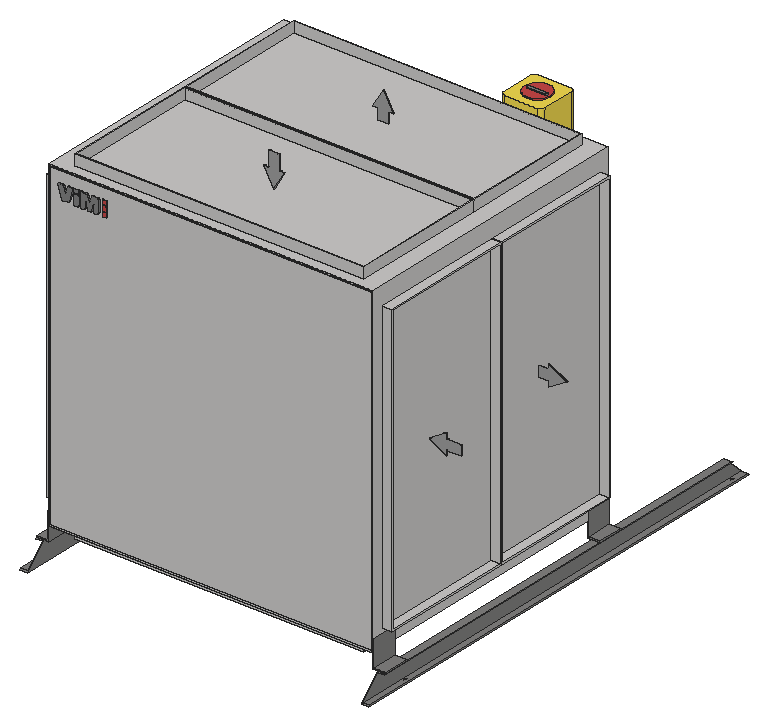
Revit family "BIM_KUBAIR F400 CC INTZ Horizontal", category Equipement de génie climatique, Revit 2016
Family settings
  Type d'élément = Normal
  Cote de connecteur circulaire = Utiliser le diamètre
  Numéro OmniClass = 23.75.00.00
  Titre OmniClass = Climate Control (HVAC)
  Basée sur le plan de construction = Non
  Toujours verticalement = Oui
  Couper avec des vides une fois chargée = Non
  Partagée = Non
  Point de calcul de pièce = Oui
Parameters (values of type "KUBAIR F400 CC 355 4/6PT INTZ 0,30/0,10kW Horizontal")
  Visibilité_marque = yes
  Tension_nominale = 400 V
  Reference = ""
  Puissance_electrique = 300 W
  Protection_IP = "IP 55"
  Prof_INTZ = 100 mm
  Position_A_equerre = 155 mm
  Poids = "61 Kg"
  Nombre_de_phases = "3"
  Modèle = "KUBAIR F400 CC 355 4/6PT INTZ 0,30/0,10kW Caisson Horizontal"
  Materiau_support = Acier
  Materiau_caisson = Acier, galvanisé
  Lien_page_produit = "http://www.vim.fr/fr/caissons-d-extraction-f400-120/429-kubair-f400-nouvelle-gamme.html"
  Largeur_equerre = 218 mm
  KC = 954 mm
  J = 102 mm
  IfcExportType = "IfcFlowMovingDevice"
  IfcExportAs = "IfcFan"
  Hauteur_support = 30 mm
  Hauteur_equerre = 199.5 mm
  Fabricant = "VIM"
  F = 660 mm
  EC = 790 mm
  Debit_mini = "900 m³/h"
  Debit_maxi = "3090 m³/h"
  Debit [instance] = 0.0 L/s
  D = 559 mm
  Courant_nominal = 0.99 A
  Consignes – raccordements aérauliques = "Raccorder 1, 2 ou 3 ouies  au refoulement et 1, 2 ou 3 ouies à l’aspiration"
  Code_article = "644565 + 660100"
  Classe_de_protection_electrique = "F"
  C = 263 mm
  BH = 695 mm
  A = 627 mm
Reference planes
  plane 1 "Centre (avant/arrière)": y = 0
  plane 2: z = 0
  plane 3 "Centre (gauche/droite)": x = 0
  plane 4: z = 102
  plane 5: z = 68
  plane 6: z = 695
  plane 7: z = 381.5
  plane 8: y = 327
  plane 9: z = 661
  plane 10: x = -313.5
  plane 11: x = 313.5
  plane 12: x = -311.5
  plane 13: z = 70
  plane 14: x = 311.5
  plane 15: z = 693
  plane 16: y = 325
  plane 17: z = 659
  plane 18: z = 104
  plane 19: y = 175.5
  plane 20: y = 307
  plane 21: y = 44
  plane 22: y = 46
  plane 23: y = 305
  plane 24: x = 333.5
  plane 25: x = -333.5
  plane 26: z = 715
  plane 27: z = 48
  plane 28: x = 279.5
  plane 29: x = -279.5
  plane 30: x = -277.5
  plane 31: x = 277.5
  plane 32: y = -281
  plane 33: y = 642
  plane 34: y = 673
  plane 35: z = 2
  plane 36: z = 40
  plane 37: z = 38
  plane 38: x = 330
  plane 39: x = -330
  plane 40: x = -337.5
  plane 41: x = -322.5
  plane 42: x = -324.5
  plane 43: x = 337.5
  plane 44: x = 324.5
  plane 45: x = 322.5
  plane 46: z = 42
  plane 47: x = -315.5
  plane 48: z = 93
  plane 49: x = 315.5
  plane 50: y = 606
  plane 51: y = 636.155
  plane 52: y = 277
  plane 53: y = 42
  plane 54: y = -221
  plane 55: y = -219
  plane 56: y = -88.5
  plane 57: y = -241
  plane 58: y = -239
  plane 59: y = -191
  plane 60: y = -184
Forms (mm)
  Extrusion 1, solid, material "Acier, galvanisé" <- "Materiau_caisson"
    sketch origin (0, 0, 0) x (1, 0, 0) y (0, 0, 1)
      loop
        line (-313.5, 695) -> (-313.5, 68) -> (313.5, 68) -> (313.5, 695) -> (-313.5, 695)
      loop
        line (-311.5, 693) -> (-311.5, 70) -> (311.5, 70) -> (311.5, 693) -> (-311.5, 693)
    from -327 to 241
  Extrusion 2, solid, material "Acier, galvanisé" <- "Materiau_caisson"
    sketch origin (0, 0, 0) x (1, 0, 0) y (0, 0, 1)
      loop
        line (-311.5, 693) -> (-311.5, 70) -> (311.5, 70) -> (311.5, 693) -> (-311.5, 693)
    from -327 to -325
  Extrusion 3, solid, material "Acier, galvanisé" <- "Materiau_caisson"
    sketch origin (0, 0, 0) x (1, 0, 0) y (0, 0, 1)
      loop
        line (-311.5, 693) -> (-311.5, 70) -> (311.5, 70) -> (311.5, 693) -> (-311.5, 693)
    from 239 to 241
  Extrusion 4, solid, material "Acier, galvanisé" <- "Materiau_caisson"
    sketch origin (0, 0, 0) x (0, 1, 0) y (0, 0, 1)
      loop
        line (44, 661) -> (44, 102) -> (307, 102) -> (307, 661) -> (44, 661)
      loop
        line (46, 659) -> (46, 104) -> (305, 104) -> (305, 659) -> (46, 659)
    from 313.5 to 333.5
  Extrusion 5, solid, material "Acier, galvanisé" <- "Materiau_caisson"
    sketch origin (0, 0, 0) x (0, 1, 0) y (0, 0, 1)
      loop
        line (44, 661) -> (44, 102) -> (307, 102) -> (307, 661) -> (44, 661)
      loop
        line (46, 659) -> (46, 104) -> (305, 104) -> (305, 659) -> (46, 659)
    from -333.5 to -313.5
  Extrusion 6, solid, material "Acier, galvanisé" <- "Materiau_caisson"
    sketch origin (0, 0, 0) x (1, 0, 0) y (0, 1, 0)
      loop
        line (-279.5, 307) -> (-279.5, 44) -> (279.5, 44) -> (279.5, 307) -> (-279.5, 307)
      loop
        line (-277.5, 305) -> (-277.5, 46) -> (277.5, 46) -> (277.5, 305) -> (-277.5, 305)
    from 695 to 715
  Extrusion 7, solid, material "Acier, galvanisé" <- "Materiau_caisson"
    sketch origin (0, 0, 0) x (1, 0, 0) y (0, 1, 0)
      loop
        line (-279.5, 307) -> (-279.5, 44) -> (279.5, 44) -> (279.5, 307) -> (-279.5, 307)
      loop
        line (-277.5, 305) -> (-277.5, 46) -> (277.5, 46) -> (277.5, 305) -> (-277.5, 305)
    from 48 to 68
  Extrusion 8, solid, material "Acier" <- "Materiau_support"
    sketch origin (0, 0, 0) x (1, 0, 0) y (0, 0, 1)
      loop
        line (-337.5, 40) -> (-337.5, 38) -> (-324.5, 38) -> (-324.5, 2) -> (-337.5, 2) -> (-337.5, 0) -> (-322.5, 0) -> (-322.5, 40) -> (-337.5, 40)
      loop
        line (337.5, 38) -> (337.5, 40) -> (322.5, 40) -> (322.5, 0) -> (337.5, 0) -> (337.5, 2) -> (324.5, 2) -> (324.5, 38) -> (337.5, 38)
    from -636.155 to 281
  Extrusion 9, void
    sketch origin (0, 0, 0) x (0, 1, 0) y (0, 0, 1)
      loop
        line (-281, 0) -> (-241, 40) -> (-281, 40) -> (-281, 0)
      loop
        line (636.155, 0) -> (636.155, 40) -> (596.155, 40) -> (636.155, 0)
    from -337.5 to 337.5
  Extrusion 10, void
    sketch origin (0, -150.442, 0) x (1, 0, 0) y (0, 1, 0)
      loop
        circle (-330, -33.558) r 2.5
      loop
        circle (-330, 756.442) r 2.5
    from 0 to 2
  Extrusion 11, void
    sketch origin (0, -500.852, 0) x (1, 0, 0) y (0, 1, 0)
      loop
        circle (330, 316.852) r 2.5
      loop
        circle (330, 1106.852) r 2.5
    from 0 to 2
  Extrusion 12, solid, material "Acier" <- "Materiau_support"
    sketch origin (0, 0, 0) x (1, 0, 0) y (0, 0, 1)
      loop
        line (337.5, 42) -> (315.5, 42) -> (315.5, 93) -> (313.5, 93) -> (313.5, 40) -> (337.5, 40) -> (337.5, 42)
      loop
        line (-315.5, 42) -> (-337.5, 42) -> (-337.5, 40) -> (-313.5, 40) -> (-313.5, 93) -> (-315.5, 93) -> (-315.5, 42)
    from 191 to 241
  Extrusion 13, solid, material "Acier" <- "Materiau_support"
    sketch origin (0, 0, 0) x (1, 0, 0) y (0, 0, 1)
      loop
        line (-313.5, 93) -> (-315.5, 93) -> (-315.5, 42) -> (-337.5, 42) -> (-337.5, 40) -> (-313.5, 40) -> (-313.5, 93)
      loop
        line (337.5, 42) -> (315.5, 42) -> (315.5, 93) -> (313.5, 93) -> (313.5, 40) -> (337.5, 40) -> (337.5, 42)
    from -327 to -277
  Extrusion 14, solid, material "Acier, galvanisé" <- "Materiau_caisson"
    sketch origin (0, 0, 0) x (0, 1, 0) y (0, 0, 1)
      loop
        line (-221, 661) -> (-221, 102) -> (44, 102) -> (44, 661) -> (-221, 661)
      loop
        line (-219, 659) -> (-219, 104) -> (42, 104) -> (42, 659) -> (-219, 659)
    from 313.5 to 333.5
  Extrusion 15, solid, material "Acier, galvanisé" <- "Materiau_caisson"
    sketch origin (0, 0, 0) x (0, 1, 0) y (0, 0, 1)
      loop
        line (-221, 661) -> (-221, 102) -> (44, 102) -> (44, 661) -> (-221, 661)
      loop
        line (-219, 659) -> (-219, 104) -> (42, 104) -> (42, 659) -> (-219, 659)
    from -333.5 to -313.5
  Extrusion 16, solid, material "Acier, galvanisé" <- "Materiau_caisson"
    sketch origin (0, 0, 0) x (1, 0, 0) y (0, 1, 0)
      loop
        line (-279.5, 44) -> (-279.5, -221) -> (279.5, -221) -> (279.5, 44) -> (-279.5, 44)
      loop
        line (-277.5, 42) -> (-277.5, -219) -> (277.5, -219) -> (277.5, 42) -> (-277.5, 42)
    from 695 to 715
  Extrusion 17, solid, material "Acier, galvanisé" <- "Materiau_caisson"
    sketch origin (0, 0, 0) x (1, 0, 0) y (0, 1, 0)
      loop
        line (-279.5, 44) -> (-279.5, -221) -> (279.5, -221) -> (279.5, 44) -> (-279.5, 44)
      loop
        line (-277.5, 42) -> (-277.5, -219) -> (277.5, -219) -> (277.5, 42) -> (-277.5, 42)
    from 48 to 68
Cuts and joins
  Extrusion 9, Extrusion 10, Extrusion 11 cuts Extrusion 8
Dimensions and locks
  "A": plane 6 to plane 5
  equal spacing: plane 6, plane 7, plane 5
  "D": plane 9 to plane 4
  equal spacing: plane 11, plane 3 "Centre (gauche/droite)", plane 10
  "A": plane 11 to plane 10
  locked: plane 16 to plane 8 at 2
  locked: plane 6 to plane 15 at 2
  locked: plane 13 to plane 5 at 2
  locked: plane 12 to plane 10 at 2
  locked: plane 11 to plane 14 at 2
  locked: plane 18 to plane 4 at 2
  locked: plane 9 to plane 17 at 2
  equal spacing: plane 21, plane 19, plane 20
  "C": plane 21 to plane 20
  locked: plane 21 to plane 22 at 2
  locked: plane 23 to plane 20 at 2
  locked: plane 5 to plane 27 at 20
  locked: plane 26 to plane 6 at 20
  locked: plane 25 to plane 10 at 20
  locked: plane 24 to plane 11 at 20
  equal spacing: plane 29, plane 3 "Centre (gauche/droite)", plane 28
  "D": plane 29 to plane 28
  locked: plane 29 to plane 30 at 2
  locked: plane 31 to plane 28 at 2
  "KC": plane 32 to plane 34
  locked: plane 35 to plane 2 at 2
  equal spacing: plane 9, plane 7, plane 4
  locked: plane 36 to plane 37 at 2
  equal spacing: plane 38, plane 3 "Centre (gauche/droite)", plane 39
  "F": plane 38 to plane 39
  locked: plane 45 to plane 44 at 2
  equal spacing: plane 45, plane 38, plane 43
  plane 45 to plane 43 = 15 mm
  locked: plane 42 to plane 41 at 2
  equal spacing: plane 40, plane 39, plane 41
  plane 40 to plane 41 = 15 mm
  "J": plane 4 to plane 2
  locked: plane 48 to plane 5 at 25
  locked: plane 49 to plane 11 at 2
  locked: plane 46 to plane 36 at 2
  locked: plane 47 to plane 10 at 2
  "EC": plane 60 to plane 50
  locked: plane 50 to plane 51 at 30.155
  locked: plane 52 to plane 8 at 50
  locked: plane 36 to plane 2 at 40
  locked: plane 20 to plane 8 at 20
  locked: plane 53 to plane 21 at 2
  locked: plane 54 to plane 55 at 2
  "C": plane 54 to plane 53
  equal spacing: plane 54, plane 56, plane 21
  locked: plane 57 to plane 54 at 20
  locked: plane 57 to plane 58 at 2
  locked: plane 57 to plane 59 at 50
  locked: nested 2 to plane 10 at 65
  locked: plane 6 to nested 2 at 40
  locked: plane 32 to plane 57 at 40
  locked: Extrusion 9 sketch curve to Extrusion 9 sketch curve (angle 45.00°)
  locked: Extrusion 9 sketch curve to plane 32 (angle 45.00°)
  aligned and locked: plane 2 to level
  aligned and locked: Extrusion 1 sketch curve to plane 6
  aligned and locked: plane 10 to Extrusion 1 sketch curve
  aligned and locked: plane 5 to Extrusion 1 sketch curve
  aligned and locked: Extrusion 1 sketch curve to plane 11
  aligned and locked: plane 15 to Extrusion 1 sketch curve
  aligned and locked: plane 12 to Extrusion 1 sketch curve
  aligned and locked: plane 13 to Extrusion 1 sketch curve
  aligned and locked: plane 14 to Extrusion 1 sketch curve
  aligned and locked: plane 8 to Extrusion 1
  aligned and locked: Extrusion 2 sketch curve to Extrusion 1  (x3)
  aligned and locked: plane 16 to Extrusion 2
  aligned and locked: plane 8 to Extrusion 2
  aligned and locked: Extrusion 3 sketch curve to Extrusion 1  (x4)
  aligned and locked: Extrusion 4 sketch curve to plane 9
  aligned and locked: Extrusion 4 sketch curve to plane 21
  aligned and locked: plane 4 to Extrusion 4 sketch curve
  aligned and locked: Extrusion 4 sketch curve to plane 20
  aligned and locked: Extrusion 4 sketch curve to plane 17
  aligned and locked: plane 22 to Extrusion 4 sketch curve
  aligned and locked: Extrusion 4 sketch curve to plane 18
  aligned and locked: Extrusion 4 sketch curve to plane 23
  aligned and locked: Extrusion 4 to plane 11
  aligned and locked: plane 24 to Extrusion 4
  aligned and locked: Extrusion 5 sketch curve to plane 9
  aligned and locked: Extrusion 5 sketch curve to plane 21
  aligned and locked: plane 4 to Extrusion 5 sketch curve
  aligned and locked: Extrusion 5 sketch curve to plane 20
  aligned and locked: Extrusion 5 sketch curve to plane 17
  aligned and locked: plane 22 to Extrusion 5 sketch curve
  aligned and locked: Extrusion 5 sketch curve to plane 18
  aligned and locked: Extrusion 5 sketch curve to plane 23
  aligned and locked: plane 10 to Extrusion 5
  aligned and locked: plane 25 to Extrusion 5
  aligned and locked: Extrusion 6 sketch curve to plane 20
  aligned and locked: Extrusion 6 sketch curve to plane 29
  aligned and locked: Extrusion 6 sketch curve to plane 21
  aligned and locked: Extrusion 6 sketch curve to plane 28
  aligned and locked: plane 23 to Extrusion 6 sketch curve
  aligned and locked: plane 30 to Extrusion 6 sketch curve
  aligned and locked: plane 22 to Extrusion 6 sketch curve
  aligned and locked: plane 31 to Extrusion 6 sketch curve
  aligned and locked: Extrusion 6 to plane 6
  aligned and locked: plane 26 to Extrusion 6
  aligned and locked: Extrusion 7 sketch curve to plane 20
  aligned and locked: Extrusion 7 sketch curve to plane 29
  aligned and locked: Extrusion 7 sketch curve to plane 21
  aligned and locked: Extrusion 7 sketch curve to plane 28
  aligned and locked: plane 23 to Extrusion 7 sketch curve
  aligned and locked: plane 30 to Extrusion 7 sketch curve
  aligned and locked: plane 22 to Extrusion 7 sketch curve
  aligned and locked: plane 31 to Extrusion 7 sketch curve
  aligned and locked: plane 27 to Extrusion 7
  aligned and locked: plane 5 to Extrusion 7
  aligned and locked: plane 32 to Extrusion 8
  aligned and locked: Extrusion 8 sketch curve to plane 36  (x2)
  aligned and locked: Extrusion 8 sketch curve to plane 37  (x2)
  aligned and locked: Extrusion 8 sketch curve to plane 35  (x2)
  aligned and locked: Extrusion 8 sketch curve to plane 2  (x2)
  aligned and locked: Extrusion 8 sketch curve to plane 41
  aligned and locked: Extrusion 8 sketch curve to plane 42
  aligned and locked: Extrusion 8 sketch curve to plane 40
  aligned and locked: plane 40 to Extrusion 8 sketch curve
  aligned and locked: Extrusion 8 sketch curve to plane 45
  aligned and locked: Extrusion 8 sketch curve to plane 44
  aligned and locked: Extrusion 8 sketch curve to plane 43
  aligned and locked: plane 43 to Extrusion 8 sketch curve
  aligned and locked: plane 32 to Extrusion 9 sketch curve
  aligned and locked: Extrusion 9 to plane 40
  aligned and locked: Extrusion 9 to plane 43
  aligned and locked: Extrusion 9 sketch curve to cut or joined group of Extrusion 8, Extrusion 9, Extrusion 10, Extrusion 11  (x2)
  aligned and locked: Extrusion 8 to plane 51
  aligned and locked: plane 3 "Centre (gauche/droite)" to nested 1
  aligned and locked: plane 7 to nested 1
  aligned and locked: plane 2 to Extrusion 10
  aligned and locked: Extrusion 10 to plane 35
  aligned and locked: Extrusion 10 sketch curve to plane 39
  aligned and locked: Extrusion 11 sketch curve to plane 38
  aligned and locked: plane 38 to Extrusion 11 sketch curve
  aligned and locked: Extrusion 11 to plane 35
  aligned and locked: plane 2 to Extrusion 11
  aligned and locked: Extrusion 12 sketch curve to plane 46  (x2)
  aligned and locked: Extrusion 12 sketch curve to plane 49
  aligned and locked: Extrusion 12 sketch curve to plane 11
  aligned and locked: Extrusion 12 sketch curve to plane 36  (x2)
  aligned and locked: plane 43 to Extrusion 12 sketch curve
  aligned and locked: Extrusion 12 sketch curve to plane 48  (x2)
  aligned and locked: Extrusion 12 sketch curve to plane 47
  aligned and locked: Extrusion 12 sketch curve to plane 10
  aligned and locked: plane 40 to Extrusion 12 sketch curve
  aligned and locked: Extrusion 13 sketch curve to plane 10
  aligned and locked: Extrusion 13 sketch curve to plane 47
  aligned and locked: Extrusion 13 sketch curve to plane 36  (x2)
  aligned and locked: Extrusion 13 sketch curve to plane 46  (x2)
  aligned and locked: plane 40 to Extrusion 13 sketch curve
  aligned and locked: Extrusion 13 sketch curve to plane 48  (x2)
  aligned and locked: Extrusion 13 sketch curve to plane 11
  aligned and locked: Extrusion 13 sketch curve to plane 49
  aligned and locked: plane 43 to Extrusion 13 sketch curve
  aligned and locked: plane 8 to Extrusion 13
  aligned and locked: Extrusion 13 to plane 52
  aligned and locked: Extrusion 14 sketch curve to plane 9
  aligned and locked: plane 54 to Extrusion 14 sketch curve
  aligned and locked: Extrusion 14 sketch curve to Extrusion 4  (x2)
  aligned and locked: Extrusion 14 sketch curve to plane 17
  aligned and locked: plane 55 to Extrusion 14 sketch curve
  aligned and locked: Extrusion 14 sketch curve to plane 18
  aligned and locked: Extrusion 14 sketch curve to plane 53
  aligned and locked: Extrusion 14 to plane 11
  aligned and locked: Extrusion 14 to plane 24
  aligned and locked: Extrusion 1 to plane 57
  aligned and locked: Extrusion 3 to plane 57
  aligned and locked: plane 58 to Extrusion 3
  aligned and locked: Extrusion 15 sketch curve to plane 9
  aligned and locked: plane 54 to Extrusion 15 sketch curve
  aligned and locked: Extrusion 15 sketch curve to Extrusion 4  (x2)
  aligned and locked: Extrusion 15 sketch curve to plane 17
  aligned and locked: plane 55 to Extrusion 15 sketch curve
  aligned and locked: Extrusion 15 sketch curve to plane 18
  aligned and locked: Extrusion 15 sketch curve to plane 53
  aligned and locked: plane 25 to Extrusion 15
  aligned and locked: Extrusion 15 to plane 10
  aligned and locked: Extrusion 16 sketch curve to Extrusion 6  (x2)
  aligned and locked: plane 54 to Extrusion 16 sketch curve
  aligned and locked: Extrusion 16 sketch curve to plane 28
  aligned and locked: Extrusion 16 sketch curve to plane 53
  aligned and locked: Extrusion 16 sketch curve to plane 30
  aligned and locked: plane 55 to Extrusion 16 sketch curve
  aligned and locked: plane 31 to Extrusion 16 sketch curve
  aligned and locked: Extrusion 16 to plane 6
  aligned and locked: plane 26 to Extrusion 16
  aligned and locked: Extrusion 17 sketch curve to Extrusion 6  (x2)
  aligned and locked: plane 54 to Extrusion 17 sketch curve
  aligned and locked: Extrusion 17 sketch curve to plane 28
  aligned and locked: Extrusion 17 sketch curve to plane 53
  aligned and locked: Extrusion 17 sketch curve to plane 30
  aligned and locked: plane 55 to Extrusion 17 sketch curve
  aligned and locked: plane 31 to Extrusion 17 sketch curve
  aligned and locked: plane 5 to Extrusion 17
  aligned and locked: plane 27 to Extrusion 17
  aligned and locked: Extrusion 12 to plane 59
  aligned and locked: Extrusion 12 to plane 57
  aligned and locked: plane 50 to Extrusion 11 sketch curve
  aligned and locked: plane 60 to Extrusion 11 sketch curve
  aligned and locked: plane 60 to Extrusion 10 sketch curve
  aligned and locked: plane 50 to Extrusion 10 sketch curve
  aligned and locked: plane 3 "Centre (gauche/droite)" to nested 7
  aligned and locked: plane 3 "Centre (gauche/droite)" to nested 6
  aligned and locked: plane 7 to nested 3
  aligned and locked: plane 7 to nested 10
  aligned and locked: nested 5 to plane 7
  aligned and locked: nested 8 to plane 7
  aligned and locked: nested 9 to plane 3 "Centre (gauche/droite)"
  aligned and locked: nested 4 to plane 3 "Centre (gauche/droite)"
  aligned and locked: nested 6 to plane 19
  aligned and locked: plane 56 to nested 9
  aligned and locked: nested 7 to plane 56
  aligned and locked: plane 19 to nested 4
  aligned and locked: nested 10 to plane 56
  aligned and locked: nested 8 to plane 56
  aligned and locked: plane 19 to nested 5
  aligned and locked: plane 19 to nested 3
Automatic sketch dimensions
  plane 14 to Extrusion 2 sketch curve = 0 mm
  plane 21 to Extrusion 7 sketch curve = 0 mm
  Extrusion 9 sketch curve to level = 0 mm  (x2)
  Extrusion 9 sketch curve to plane 36 = 0 mm
  Extrusion 10 sketch curve to plane 39 = 0 mm
  radius of Extrusion 10 sketch curve = 2.5 mm  (x2)
  radius of Extrusion 11 sketch curve = 2.5 mm  (x2)
Nested families
  nested 1: "INTZ" at (0, 327.328, 381.5) x (1, 0, 0) z (0, 1, 0), type "INTZ"
  nested 2: "Marque_F" at (-248.5, -241, 655) x (1, 0, 0) z (0, -1, 0), visible <- "Visibilité_marque", type "Marque_F"
  nested 3: "Fleches_refoulement_tranche" at (313.5, 140.5, 381.5) x (0, 0, -1) z (1, 0, 0), type "Refoulement"
  nested 4: "Fleches_refoulement_tranche" at (0, 157.836, 695), type "Refoulement"
  nested 5: "Fleches_refoulement_tranche" at (-313.5, 140.5, 381.5) x (0, 0, 1) z (-1, 0, 0), type "Refoulement"
  nested 6: "Fleches_refoulement_tranche" at (0, 157.836, 68) x (-1, 0, 0) z (0, 0, -1), type "Refoulement"
  nested 7: "Fleches_aspiration_tranche" at (0, -106.155, 68) x (-1, 0, 0) z (0, 0, -1), type "Aspiration"
  nested 8: "Fleches_aspiration_tranche" at (-313.5, -123.5, 381.5) x (0, 0, 1) z (-1, 0, 0), type "Aspiration"
  nested 9: "Fleches_aspiration_tranche" at (0, -106.155, 695), type "Aspiration"
  nested 10: "Fleches_aspiration_tranche" at (313.5, -123.5, 381.5) x (0, 0, -1) z (1, 0, 0), type "Aspiration"
  nested 11: "Consigne" at (-13.5, -241, 548) x (1, 0, 0) z (0, -1, 0), type "Consigne"
Connectors
  hvac at (0, 175.5, 715), driven by "C", driven by "D", driven by "Debit"
    settings: on Extrusion 6, index 2, duct flow 0.0 L/s, flow factor 0, pres drop 0.0 Pa, loss coef 0, conn angle 0.00°, conn width 559 mm, conn height 263 mm, conn diameter 609.6 mm, duct sys type 1, conn prof type 1, flow config 0, flow direction 2, loss method 0, conn ref index -1, conn util no, is conn primary yes, conn desc ""
  hvac at (333.5, 175.5, 381.5), driven by "D", driven by "C", driven by "Debit"
    settings: on Extrusion 4, index 3, duct flow 0.0 L/s, flow factor 0, pres drop 0.0 Pa, loss coef 0, conn angle 0.00°, conn width 263 mm, conn height 559 mm, conn diameter 609.6 mm, duct sys type 1, conn prof type 1, flow config 0, flow direction 2, loss method 0, conn ref index -1, conn util no, is conn primary no, conn desc ""
  hvac at (-333.5, 175.5, 381.5), driven by "D", driven by "C", driven by "Debit"
    settings: on Extrusion 5, index 4, duct flow 0.0 L/s, flow factor 0, pres drop 0.0 Pa, loss coef 0, conn angle 0.00°, conn width 263 mm, conn height 559 mm, conn diameter 609.6 mm, duct sys type 1, conn prof type 1, flow config 0, flow direction 2, loss method 0, conn ref index -1, conn util no, is conn primary no, conn desc ""
  hvac at (0, 175.5, 48), driven by "C", driven by "D", driven by "Debit"
    settings: on Extrusion 7, index 5, duct flow 0.0 L/s, flow factor 0, pres drop 0.0 Pa, loss coef 0, conn angle 0.00°, conn width 559 mm, conn height 263 mm, conn diameter 609.6 mm, duct sys type 1, conn prof type 1, flow config 0, flow direction 2, loss method 0, conn ref index -1, conn util no, is conn primary no, conn desc ""
  hvac at (-333.5, -88.5, 381.5), driven by "Debit", driven by "D", driven by "C"
    settings: on Extrusion 15, index 6, duct flow 0.0 L/s, flow factor 0, pres drop 0.0 Pa, loss coef 0, conn angle 0.00°, conn width 263 mm, conn height 559 mm, conn diameter 609.6 mm, duct sys type 2, conn prof type 1, flow config 0, flow direction 1, loss method 0, conn ref index -1, conn util no, is conn primary no, conn desc ""
  hvac at (0, -88.5, 715), driven by "Debit", driven by "C", driven by "D"
    settings: on Extrusion 16, index 7, duct flow 0.0 L/s, flow factor 0, pres drop 0.0 Pa, loss coef 0, conn angle 0.00°, conn width 559 mm, conn height 263 mm, conn diameter 609.6 mm, duct sys type 2, conn prof type 1, flow config 0, flow direction 1, loss method 0, conn ref index -1, conn util no, is conn primary no, conn desc ""
  hvac at (333.5, -88.5, 381.5), driven by "Debit", driven by "D", driven by "C"
    settings: on Extrusion 14, index 8, duct flow 0.0 L/s, flow factor 0, pres drop 0.0 Pa, loss coef 0, conn angle 0.00°, conn width 263 mm, conn height 559 mm, conn diameter 609.6 mm, duct sys type 2, conn prof type 1, flow config 0, flow direction 1, loss method 0, conn ref index -1, conn util no, is conn primary no, conn desc ""
  hvac at (0, -88.5, 48), driven by "Debit", driven by "C", driven by "D"
    settings: on Extrusion 17, index 9, duct flow 0.0 L/s, flow factor 0, pres drop 0.0 Pa, loss coef 0, conn angle 0.00°, conn width 559 mm, conn height 263 mm, conn diameter 609.6 mm, duct sys type 2, conn prof type 1, flow config 0, flow direction 1, loss method 0, conn ref index -1, conn util no, is conn primary no, conn desc ""
  electrical at (59, 474.381, 636.5), driven by "Tension_nominale", driven by "Puissance_electrique"
    settings: on nested 1, index 10, voltage 400 V, apparent load 300 VA, apparent load phase1 0 VA, apparent load phase2 0 VA, apparent load phase3 0 VA, power factor 1, load classification "Autre", number of poles 1, system type 30, power factor state 1, is connector primary yes, connector utility no, sub classification motor no, connector description ""
Definition of nested family "INTZ"
  Parameters (values of type "INTZ")
    Section_platine = Position_A_equerre * 2  # 310 mm
    Prof_INTZ = 100 mm
    Position_A_equerre = 155 mm
    Materiau_platine = none
    Largeur_equerre = 218 mm
    Hauteur_equerre = 199.5 mm
    Default Elevation = 1219.2 mm
  Reference planes
    plane 1 "Centre (avant/arrière)": y = 0
    plane 2: z = 0
    plane 3 "Centre (gauche/droite)": x = 0
    plane 4: x = 150
    plane 5: x = -150
    plane 6: y = 155
    plane 7: y = 153
    plane 8: x = 148
    plane 9: x = -148
    plane 10: z = 2
    plane 11: z = 12
    plane 12: x = -109
    plane 13: x = 109
    plane 14: z = 201.5
    plane 15: x = -55
    plane 16: y = -155
    plane 17: y = -157
    plane 18: x = -95
  Forms (mm)
    Extrusion 1, solid
      sketch origin (0, 0, 0) x (1, 0, 0) y (0, 1, 0)
        loop
          line (-510, 365) -> (-510, -285.5) -> (293.257, -285.5) -> (293.257, 365) -> (-510, 365)
      from 0 to -30
    Extrusion 2, solid, material <- "Materiau_platine"
      sketch origin (0, 0, 0) x (1, 0, 0) y (0, 1, 0)
        loop
          line (-150, 155) -> (-150, -155) -> (150, -155) -> (150, 155) -> (-150, 155)
      from 0 to 2
    Extrusion 3, solid, material <- "Materiau_platine"
      sketch origin (0, 0, 0) x (1, 0, 0) y (0, 1, 0)
        loop
          line (-150, 155) -> (-150, 153) -> (150, 153) -> (150, 155) -> (-150, 155)
        loop
          line (-148, -157) -> (148, -157) -> (148, -155) -> (-148, -155) -> (-148, -157)
      from 2 to 12
    Extrusion 4, solid, material <- "Materiau_platine"
      sketch origin (0, 0, 0) x (1, 0, 0) y (0, 1, 0)
        loop
          line (-150, 153) -> (-150, -155) -> (-148, -155) -> (-148, 153) -> (-150, 153)
        loop
          line (148, 153) -> (148, -155) -> (150, -155) -> (150, 153) -> (148, 153)
      from 0 to 12
    Extrusion 5, solid, material <- "Materiau_platine"
      sketch origin (0, -13.75, 0) x (1, 0, 0) y (0, 1, 0)
        loop
          line (-109, -141.25) -> (-109, -143.25) -> (109, -143.25) -> (109, -141.25) -> (-109, -141.25)
      from 2 to 201.5
  Dimensions and locks
    equal spacing: plane 5, plane 3 "Centre (gauche/droite)", plane 4
    locked: plane 5 to plane 9 at 2
    locked: plane 8 to plane 4 at 2
    locked: plane 6 to plane 7 at 2
    locked: plane 10 to plane 2 at 2
    locked: plane 11 to plane 10 at 10
    equal spacing: plane 12, plane 3 "Centre (gauche/droite)", plane 13
    "Largeur_equerre": plane 12 to plane 13
    "Hauteur_equerre": plane 14 to plane 10
    locked: plane 17 to plane 16 at 2
    "Position_A_equerre": plane 16 to plane 1 "Centre (avant/arrière)"
    equal spacing: plane 16, plane 1 "Centre (avant/arrière)", plane 6
    aligned and locked: plane 2 to Extrusion 1
    aligned and locked: level to Extrusion 1
    aligned and locked: Extrusion 2 sketch curve to plane 6
    aligned and locked: Extrusion 2 sketch curve to plane 5
    aligned and locked: Extrusion 2 sketch curve to plane 4
    aligned and locked: plane 10 to Extrusion 2
    aligned and locked: Extrusion 3 sketch curve to plane 6
    aligned and locked: Extrusion 3 sketch curve to plane 7
    aligned and locked: Extrusion 3 sketch curve to plane 9
    aligned and locked: plane 8 to Extrusion 3 sketch curve
    aligned and locked: Extrusion 4 sketch curve to plane 5
    aligned and locked: Extrusion 4 sketch curve to plane 7
    aligned and locked: Extrusion 4 sketch curve to Extrusion 2
    aligned and locked: plane 11 to Extrusion 4
    aligned and locked: Extrusion 5 sketch curve to plane 12
    aligned and locked: plane 13 to Extrusion 5 sketch curve
    aligned and locked: Extrusion 5 to plane 10
    aligned and locked: plane 14 to Extrusion 5
    aligned and locked: Extrusion 5 to plane 16
    aligned and locked: Extrusion 5 to nested 1
    aligned and locked: Extrusion 2 sketch curve to plane 16
    aligned and locked: Extrusion 3 sketch curve to plane 16
    aligned and locked: plane 17 to Extrusion 5
    aligned and locked: plane 5 to Extrusion 3 sketch curve
    aligned and locked: Extrusion 3 sketch curve to plane 4
    aligned and locked: Extrusion 4 sketch curve to plane 16  (x2)
    aligned and locked: plane 17 to Extrusion 3
    aligned and locked: plane 11 to nested 2
    aligned and locked: nested 2 to plane 1 "Centre (avant/arrière)"
    aligned and locked: plane 3 "Centre (gauche/droite)" to nested 2
  Automatic sketch dimensions
    Extrusion 1 sketch curve to Extrusion 1 sketch curve = 803.257 mm
    Extrusion 1 sketch curve to Extrusion 1 sketch curve = 650.5 mm
    Extrusion 4 sketch curve to plane 9 = 0 mm
    plane 7 to Extrusion 4 sketch curve = 0 mm
    Extrusion 4 sketch curve to plane 8 = 0 mm
    plane 17 to Extrusion 3 sketch curve = 0 mm
    plane 17 to Extrusion 5 sketch curve = 0 mm
    plane 16 to Extrusion 5 sketch curve = 0 mm
  Nested families
    nested 1: "Interrupteur" at (59, -157, 147.053) x (-1, 0, 0) z (0, -1, 0), type "Interrupteur"
    nested 2: "Moteur_vertical_simple" at (0, 0, -268) x (0, 1, 0) z (0, 0, 1), type "Moteur_vertical_simple"
  Definition of nested family "Interrupteur"
    Parameters (values of type "Interrupteur")
      Section = 80 mm
      Rouge = none
      Profondeur = 100 mm
      Jaune = none
      Gris = none
      Default Elevation = 1219.2 mm
    Reference planes
      plane 1 "Centre (avant/arrière)": y = 0
      plane 2: z = 0
      plane 3 "Centre (gauche/droite)": x = 0
      plane 4: x = 40
      plane 5: x = -40
      plane 6: y = 40
      plane 7: y = -40
      plane 8: z = 100
      plane 9: z = 98
      plane 10: x = -32
      plane 11: y = -32
      plane 12: x = 32
      plane 13: y = 32
      plane 14: z = 10
      plane 15: y = 3
      plane 16: y = -3
      plane 17: x = 20
      plane 18: x = -20
      plane 19: z = 101
    Forms (mm)
      Extrusion 1, solid
        sketch origin (0, 0, 0) x (1, 0, 0) y (0, 1, 0)
          loop
            line (-154.5, 314.5) -> (-154.5, -85.662) -> (162.19, -85.662) -> (162.19, 314.5) -> (-154.5, 314.5)
        from 0 to -304.8
      Extrusion 2, solid, material <- "Jaune"
        sketch origin (0, 0, 0) x (1, 0, 0) y (0, 1, 0)
          loop
            arc (-32, 40) -> (-37.657, 37.657) -> (-40, 32) r 8
            line (-40, 32) -> (-40, -32)
            arc (-40, -32) -> (-37.657, -37.657) -> (-32, -40) r 8
            line (-32, -40) -> (32, -40)
            arc (32, -40) -> (37.657, -37.657) -> (40, -32) r 8
            line (40, -32) -> (40, 32)
            arc (40, 32) -> (37.657, 37.657) -> (32, 40) r 8
            line (32, 40) -> (-32, 40)
        from 10 to 98
      Extrusion 3, solid, material <- "Rouge"
        sketch origin (0, 0, 0) x (1, 0, 0) y (0, 1, 0)
          loop
            circle (0, 0) r 25
        from 98 to 100
      Extrusion 4, solid, material <- "Gris"
        sketch origin (0, 0, 0) x (1, 0, 0) y (0, 1, 0)
          loop
            arc (-16.846, 3) -> (-19.846, 0) -> (-16.846, -3) r 3
            line (-16.846, -3) -> (16.846, -3)
            arc (16.846, -3) -> (19.846, 0) -> (16.846, 3) r 3
            line (16.846, 3) -> (-16.846, 3)
        from 101 to 95
      Extrusion 5, solid, material <- "Gris"
        sketch origin (0, 0, 0) x (1, 0, 0) y (0, 1, 0)
          loop
            arc (-32, 40) -> (-37.657, 37.657) -> (-40, 32) r 8
            line (-40, 32) -> (-40, -32)
            arc (-40, -32) -> (-37.657, -37.657) -> (-32, -40) r 8
            line (-32, -40) -> (32, -40)
            arc (32, -40) -> (37.657, -37.657) -> (40, -32) r 8
            line (40, -32) -> (40, 32)
            arc (40, 32) -> (37.657, 37.657) -> (32, 40) r 8
            line (32, 40) -> (-32, 40)
        from 0 to 10
    Dimensions and locks
      equal spacing: plane 5, plane 3 "Centre (gauche/droite)", plane 4
      "Section": plane 5 to plane 4
      equal spacing: plane 6, plane 1 "Centre (avant/arrière)", plane 7
      "Section": plane 6 to plane 7
      "Profondeur": plane 8 to plane 2
      locked: plane 5 to Extrusion 2 sketch curve at 8  (x2)
      locked: plane 6 to Extrusion 2 sketch curve at 8  (x2)
      locked: Extrusion 2 sketch curve to plane 4 at 8  (x2)
      locked: plane 7 to Extrusion 2 sketch curve at 8  (x2)
      locked: plane 5 to plane 10 at 8
      locked: plane 12 to plane 4 at 8
      locked: plane 6 to plane 13 at 8
      locked: plane 11 to plane 7 at 8
      locked: plane 14 to plane 2 at 10
      plane 8 to plane 9 = 2 mm
      plane 9 to plane 14 = 88 mm
      equal spacing: plane 18, plane 3 "Centre (gauche/droite)", plane 17
      locked: plane 18 to plane 17 at 40
      equal spacing: plane 15, plane 1 "Centre (avant/arrière)", plane 16
      locked: plane 15 to plane 16 at 6
      locked: plane 19 to plane 8 at 1
      diameter of Extrusion 3 sketch curve = 50 mm
      aligned and locked: plane 2 to Extrusion 1
      aligned and locked: level to Extrusion 1
      aligned and locked: Extrusion 2 sketch curve to plane 6
      aligned and locked: Extrusion 2 sketch curve to plane 5
      aligned and locked: Extrusion 2 sketch curve to plane 7
      aligned and locked: Extrusion 2 sketch curve to plane 4
      aligned and locked: plane 9 to Extrusion 2
      aligned and locked: plane 3 "Centre (gauche/droite)" to Extrusion 3 sketch curve
      aligned and locked: plane 1 "Centre (avant/arrière)" to Extrusion 3 sketch curve
      aligned and locked: Extrusion 3 to plane 9
      aligned and locked: plane 8 to Extrusion 3
      aligned and locked: Extrusion 4 sketch curve to plane 15
      aligned and locked: Extrusion 4 sketch curve to plane 16
      aligned and locked: Extrusion 5 sketch curve to plane 6
      aligned and locked: Extrusion 5 sketch curve to plane 5
      aligned and locked: Extrusion 5 sketch curve to plane 7
      aligned and locked: Extrusion 5 sketch curve to plane 4
      aligned and locked: plane 14 to Extrusion 5
      aligned and locked: Extrusion 2 to plane 14
      aligned and locked: plane 19 to Extrusion 4
    Automatic sketch dimensions
      Extrusion 1 sketch curve to Extrusion 1 sketch curve = 316.69 mm
      Extrusion 1 sketch curve to Extrusion 1 sketch curve = 400.162 mm
      Extrusion 4 sketch curve to plane 17 = 3.154 mm
      Extrusion 4 sketch curve to plane 18 = 3.154 mm
      Extrusion 5 sketch curve to plane 11 = 0 mm  (x2)
      Extrusion 5 sketch curve to plane 10 = 0 mm
      plane 13 to Extrusion 5 sketch curve = 0 mm
  Definition of nested family "Moteur_vertical_simple"
    Parameters (values of type "Moteur_vertical_simple")
      Ø_moteur = 200 mm
      Materiau_cercle = none
      Mat_fond_moteur = none
      Mat_corps_moteur = none
      Marque = yes
      Hauteur_fond_moteur = 40 mm
      Hauteur_corps_moteur = 250 mm
      Angle_fond_moteur = 70.00°
    Reference planes
      plane 1 "Centre (avant/arrière)": y = 0
      plane 2: z = 0
      plane 3 "Centre (gauche/droite)": x = 0
      plane 4: z = 280
      plane 5: z = 530
      plane 6: z = 490
      plane 7: x = -100
      plane 8: x = 100
      plane 9: y = 100
      plane 10: y = -100
      plane 11: x = 200
      plane 12: x = -200
      plane 13: y = 200
      plane 14: y = -200
      plane 15: z = 285
      plane 16: through (0, 0, 1200) normal (-0.7071, 0.7071, 0)
      plane 17: through (0, 0, 1200) normal (-0.7071, -0.7071, 0)
      plane 18: through (-464.133, -181.29, 1200) normal (-0.7071, 0.7071, 0)
      plane 19: through (-181.29, -464.133, 1200) normal (-0.7071, 0.7071, 0)
      plane 20: through (428.84, -145.997, 1200) normal (-0.7071, -0.7071, 0)
      plane 21: through (145.997, -428.84, 1200) normal (-0.7071, -0.7071, 0)
      plane 22: z = 80
    Forms (mm)
      Extrusion 1, solid, material <- "Mat_corps_moteur"
        sketch origin (0, 0, 0) x (1, 0, 0) y (0, 1, 0)
          loop
            circle (0, 0) r 100
        from 280 to 490
      Revolve 2, solid, material <- "Mat_fond_moteur"
        sketch origin (0, 0, 0) x (1, 0, 0) y (0, 0, 1)
          loop
            line (-100, 490) -> (0, 490) -> (0, 530) -> (-85.441, 530) -> (-100, 490)
          axis (0, 530) -> (0, 490)
        angle from 0 to 360
    Dimensions and locks
      plane 4 to plane 22 = 200 mm
      "Hauteur_corps_moteur": plane 5 to plane 4
      "Hauteur_fond_moteur": plane 5 to plane 6
      equal spacing: plane 7, plane 3 "Centre (gauche/droite)", plane 8
      "Ø_moteur": plane 7 to plane 8
      equal spacing: plane 9, plane 1 "Centre (avant/arrière)", plane 10
      "Ø_moteur": plane 9 to plane 10
      equal spacing: plane 12, plane 3 "Centre (gauche/droite)", plane 11
      plane 12 to plane 11 = 400 mm
      equal spacing: plane 13, plane 1 "Centre (avant/arrière)", plane 14
      plane 14 to plane 13 = 400 mm
      locked: plane 15 to plane 4 at 5
      equal spacing: plane 21, plane 17, plane 20
      plane 21 to plane 20 = 400 mm
      equal spacing: plane 18, plane 16, plane 19
      plane 18 to plane 19 = 400 mm
      plane 22 to plane 2 = 80 mm
      "Ø_moteur": diameter of Extrusion 1 sketch curve
      "Angle_fond_moteur": angle Extrusion 1 to Revolve 2 sketch curve
      locked: plane 16 to plane 3 "Centre (gauche/droite)" (angle 45.00°)  (x2)
      locked: plane 17 to plane 1 "Centre (avant/arrière)" (angle 45.00°)  (x2)
      aligned and locked: level to plane 2
      aligned and locked: Extrusion 1 to plane 4
      aligned and locked: plane 6 to Extrusion 1
      aligned and locked: Revolve 2 sketch curve to plane 5
      aligned and locked: Revolve 2 sketch curve to plane 3 "Centre (gauche/droite)"  (x2)
      aligned and locked: plane 6 to Revolve 2 sketch curve
      aligned and locked: plane 7 to Revolve 2 sketch curve
      aligned and locked: plane 1 "Centre (avant/arrière)" to Extrusion 1 sketch curve
      aligned and locked: plane 3 "Centre (gauche/droite)" to Extrusion 1 sketch curve
    Automatic sketch dimensions
      plane 15 to Revolve 2 sketch curve = 50.761 mm
      Revolve 2 sketch curve to Revolve 2 sketch curve = 160 mm
Definition of nested family "Marque_F"
  Parameters (values of type "Marque_F")
    Mat marque = none
    Default Elevation = 1219.2 mm
  Reference planes
    plane 1 "Centre (avant/arrière)": y = 0
    plane 2: z = 0
    plane 3 "Centre (gauche/droite)": x = 0
    plane 4: x = -46.406
    plane 5: x = 47.285
  Forms (mm)
    Extrusion 1, solid
      sketch origin (0, 0, 0) x (1, 0, 0) y (0, 1, 0)
        loop
          line (-1219.2, 1219.2) -> (-1219.2, -1219.2) -> (1219.2, -1219.2) -> (1219.2, 1219.2) -> (-1219.2, 1219.2)
      from 0 to -304.8
    Extrusion 2, solid, material <- "Mat marque"
      sketch origin (-10.749, -2.822, -18.328) x (1, 0, 0) y (0, 1, 0)
        loop
          arc (-29.131, -8.082) -> (-27.403, -9.625) -> (-25.154, -10.182) r 4.817
          line (-25.154, -10.182) -> (-17.577, -10.182)
          arc (-17.577, -10.182) -> (-15.328, -9.625) -> (-13.599, -8.082) r 4.817
          line (-13.599, -8.082) -> (-7.092, 14.702)
          arc (-7.092, 14.702) -> (-7.44, 16.728) -> (-9.276, 17.653) r 2.283
          line (-9.276, 17.653) -> (-15.161, 17.653)
          arc (-15.161, 17.653) -> (-16.823, 17.105) -> (-17.833, 15.676) r 2.794
          line (-17.833, 15.676) -> (-21.365, 4.124) -> (-24.897, 15.676)
          arc (-24.897, 15.676) -> (-25.907, 17.105) -> (-27.569, 17.653) r 2.794
          line (-27.569, 17.653) -> (-33.455, 17.653)
          arc (-33.455, 17.653) -> (-35.29, 16.728) -> (-35.638, 14.702) r 2.283
          line (-35.638, 14.702) -> (-29.131, -8.082)
        loop
          arc (-3.739, 17.653) -> (-5.883, 14.581) -> (-3.739, 11.509) r 3.273
          line (-3.739, 11.509) -> (3.056, 11.509)
          arc (3.056, 11.509) -> (5.2, 14.581) -> (3.056, 17.653) r 3.273
          line (3.056, 17.653) -> (-3.739, 17.653)
        loop
          arc (-2.818, 9.758) -> (-4.715, 8.973) -> (-5.501, 7.076) r 2.682
          line (-5.501, 7.076) -> (-5.501, -8.338)
          arc (-5.501, -8.338) -> (-4.715, -10.234) -> (-2.818, -11.02) r 2.682
          line (-2.818, -11.02) -> (2.421, -11.02)
          arc (2.421, -11.02) -> (4.431, -10.188) -> (5.264, -8.178) r 2.842
          line (5.264, -8.178) -> (5.264, 6.916)
          arc (5.264, 6.916) -> (4.431, 8.926) -> (2.421, 9.758) r 2.842
          line (2.421, 9.758) -> (-2.818, 9.758)
        loop
          arc (7.188, -7.628) -> (8.183, -10.03) -> (10.585, -11.025) r 3.397
          line (10.585, -11.025) -> (14.628, -11.025)
          arc (14.628, -11.025) -> (16.391, -10.295) -> (17.122, -8.532) r 2.493
          line (17.122, -8.532) -> (17.122, 4.567) -> (20.707, -9.435)
          arc (20.707, -9.435) -> (21.495, -10.583) -> (22.816, -11.025) r 2.195
          line (22.816, -11.025) -> (27.116, -11.025)
          arc (27.116, -11.025) -> (28.419, -10.589) -> (29.197, -9.456) r 2.166
          line (29.197, -9.456) -> (32.788, 4.567) -> (32.788, -8.532)
          arc (32.788, -8.532) -> (33.519, -10.295) -> (35.282, -11.025) r 2.493
          line (35.282, -11.025) -> (39.325, -11.025)
          arc (39.325, -11.025) -> (41.727, -10.03) -> (42.722, -7.628) r 3.397
          line (42.722, -7.628) -> (42.722, 15.171)
          arc (42.722, 15.171) -> (41.995, 16.926) -> (40.24, 17.653) r 2.482
          line (40.24, 17.653) -> (31.591, 17.653)
          arc (31.591, 17.653) -> (29.618, 17.022) -> (28.379, 15.362) r 3.397
          line (28.379, 15.362) -> (24.955, 5.42) -> (21.532, 15.362)
          arc (21.532, 15.362) -> (20.292, 17.022) -> (18.319, 17.653) r 3.397
          line (18.319, 17.653) -> (9.67, 17.653)
          arc (9.67, 17.653) -> (7.915, 16.926) -> (7.188, 15.171) r 2.482
          line (7.188, 15.171) -> (7.188, -7.628)
      from 18.328 to 19.828
    Extrusion 3, solid
      sketch origin (26.206, -0.091, 0) x (1, 0, 0) y (0, 1, 0)
        loop
          line (12.746, 15.217) -> (12.746, 7.003) -> (21.105, 7.003) -> (21.105, 15.217) -> (12.746, 15.217)
        loop
          line (12.746, -5.64) -> (12.746, -13.854) -> (21.105, -13.854) -> (21.105, -5.64) -> (12.746, -5.64)
        loop
          line (12.746, 5.561) -> (12.746, -4.153) -> (21.105, -4.153) -> (21.105, 5.561) -> (12.746, 5.561)
      from 0 to 1.5
  Dimensions and locks
    aligned and locked: plane 2 to Extrusion 1
    aligned and locked: level to Extrusion 1
Definition of nested family "Fleches_refoulement_tranche"
  Parameters (values of type "Refoulement")
    Longueur_tete = 35 mm
    Longueur_corps = 70 mm
    Largeur_tete = 40 mm
    Largeur_corps = 20 mm
    Default Elevation = 1219.2 mm
    Couleur = none
  Reference planes
    plane 1 "Centre (avant/arrière)": y = 0
    plane 2: z = 0
    plane 3 "Centre (gauche/droite)": x = 0
    plane 4: x = 10
    plane 5: x = -10
    plane 6: y = -35
    plane 7: y = 70
    plane 8: x = -20
    plane 9: x = 20
    plane 10: y = 35
  Forms (mm)
    Extrusion 1, solid
      sketch origin (0, 0, 0) x (1, 0, 0) y (0, 1, 0)
        loop
          line (-1219.2, 1219.2) -> (-1219.2, -1219.2) -> (1219.2, -1219.2) -> (1219.2, 1219.2) -> (-1219.2, 1219.2)
      from 0 to -304.8
    Extrusion 2, solid, material <- "Couleur"
      sketch origin (0, 17.353, 21.262) x (1, 0, 0) y (0, -0.001217, -0.999999)
        loop
          line (20, 0) -> (10, 0) -> (10, 21.18) -> (-10, 21.18) -> (-10, 0) -> (-20, 0) -> (0, -35) -> (20, 0)
      from 0 to 0.336
  Lines and regions (mm)
    reference lines
      curve 1: line (0, 85, 0) -> (0, -70, 0)
      curve 2: line (0, 0, 75) -> (0, 0, -25)
  Dimensions and locks
    "Longueur_corps": plane 7 to plane 1 "Centre (avant/arrière)"
    "Longueur_tete": plane 6 to plane 1 "Centre (avant/arrière)"
    equal spacing: plane 5, plane 3 "Centre (gauche/droite)", plane 4
    "Largeur_corps": plane 5 to plane 4
    equal spacing: plane 8, plane 3 "Centre (gauche/droite)", plane 9  (x2)
    "Largeur_tete": plane 8 to plane 9
    equal spacing: plane 7, plane 10, plane 1 "Centre (avant/arrière)"
    plane 8 to plane 9 = 40 mm
    aligned and locked: plane 2 to Extrusion 1
    aligned and locked: level to Extrusion 1
    aligned and locked: plane 3 "Centre (gauche/droite)" to Extrusion 2 sketch curve
    aligned and locked: plane 9 to Extrusion 2 sketch curve
    aligned and locked: plane 8 to Extrusion 2 sketch curve
    aligned and locked: curve 1 to plane 3 "Centre (gauche/droite)"
    aligned and locked: curve 2 to plane 3 "Centre (gauche/droite)"
  Automatic sketch dimensions
    Extrusion 1 sketch curve to Extrusion 1 sketch curve = 2438.4 mm  (x2)
    curve 1 to plane 6 = 35 mm
    plane 7 to curve 1 = 15 mm
    plane 5 to Extrusion 2 sketch curve = 0 mm
    Extrusion 2 sketch curve to plane 4 = 0 mm
    Extrusion 2 sketch curve to Extrusion 2 sketch curve = 35 mm
    Extrusion 2 sketch curve to Extrusion 2 sketch curve = 0 mm
    Extrusion 2 sketch curve to Extrusion 2 sketch curve = 21.18 mm
    curve 2 to level = 25 mm
    level to curve 2 = 75 mm
Definition of nested family "Fleches_aspiration_tranche"
  Parameters (values of type "Aspiration")
    Longueur_tete = 35 mm
    Longueur_corps = 70 mm
    Largeur_tete = 40 mm
    Largeur_corps = 20 mm
    Default Elevation = 1219.2 mm
    Couleur = none
  Reference planes
    plane 1 "Centre (avant/arrière)": y = 0
    plane 2: z = 0
    plane 3 "Centre (gauche/droite)": x = 0
    plane 4: x = 10
    plane 5: x = -10
    plane 6: y = -35
    plane 7: y = 70
    plane 8: x = -20
    plane 9: x = 20
    plane 10: y = 35
  Forms (mm)
    Extrusion 1, solid
      sketch origin (0, 0, 0) x (1, 0, 0) y (0, 1, 0)
        loop
          line (-1219.2, 1219.2) -> (-1219.2, -1219.2) -> (1219.2, -1219.2) -> (1219.2, 1219.2) -> (-1219.2, 1219.2)
      from 0 to -304.8
    Extrusion 2, solid, material <- "Couleur"
      sketch origin (0, 17.353, 35.012) x (-1, 0, 0) y (0, -0.001217, 0.999999)
        loop
          line (20, 0) -> (10, 0) -> (10, 28.723) -> (-10, 28.723) -> (-10, 0) -> (-20, 0) -> (0, -35) -> (20, 0)
      from 0 to 0.336
  Lines and regions (mm)
    reference lines
      curve 1: line (0, 85, 0) -> (0, -70, 0)
      curve 2: line (0, 0, 160) -> (0, 0, -25)
  Dimensions and locks
    "Longueur_corps": plane 7 to plane 1 "Centre (avant/arrière)"
    "Longueur_tete": plane 6 to plane 1 "Centre (avant/arrière)"
    equal spacing: plane 5, plane 3 "Centre (gauche/droite)", plane 4
    "Largeur_corps": plane 5 to plane 4
    equal spacing: plane 8, plane 3 "Centre (gauche/droite)", plane 9  (x2)
    "Largeur_tete": plane 8 to plane 9
    equal spacing: plane 7, plane 10, plane 1 "Centre (avant/arrière)"
    plane 8 to plane 9 = 40 mm
    aligned and locked: plane 2 to Extrusion 1
    aligned and locked: level to Extrusion 1
    aligned and locked: Extrusion 2 sketch curve to plane 3 "Centre (gauche/droite)"
    aligned and locked: curve 1 to plane 3 "Centre (gauche/droite)"
    aligned and locked: curve 2 to plane 3 "Centre (gauche/droite)"
  Automatic sketch dimensions
    Extrusion 1 sketch curve to Extrusion 1 sketch curve = 2438.4 mm  (x2)
    curve 1 to plane 6 = 35 mm
    plane 7 to curve 1 = 15 mm
    Extrusion 2 sketch curve to plane 9 = 0 mm
    Extrusion 2 sketch curve to plane 4 = 0 mm
    plane 5 to Extrusion 2 sketch curve = 0 mm
    plane 8 to Extrusion 2 sketch curve = 0 mm
    Extrusion 2 sketch curve to Extrusion 2 sketch curve = 35 mm
    Extrusion 2 sketch curve to Extrusion 2 sketch curve = 0 mm
    Extrusion 2 sketch curve to Extrusion 2 sketch curve = 28.723 mm
    curve 2 to level = 25 mm
    level to curve 2 = 160 mm
Definition of nested family "Consigne"
  Parameters (values of type "Consigne")
    Default Elevation = 1219.2 mm
  Reference planes
    plane 1 "Centre (avant/arrière)": y = 0
    plane 2: z = 0
    plane 3 "Centre (gauche/droite)": x = 0
    plane 4: y = 17.757
    plane 5: y = -17.757
  Forms (mm)
    Extrusion 1, solid
      sketch origin (0, 0, 0) x (1, 0, 0) y (0, 1, 0)
        loop
          line (-1219.2, 1219.2) -> (-1219.2, -1219.2) -> (1219.2, -1219.2) -> (1219.2, 1219.2) -> (-1219.2, 1219.2)
      from 0 to -304.8
  Dimensions and locks
    equal spacing: plane 4, plane 1 "Centre (avant/arrière)", plane 5
    plane 4 to plane 5 = 35.514 mm
    aligned and locked: plane 2 to Extrusion 1
    aligned and locked: level to Extrusion 1
  Automatic sketch dimensions
    Extrusion 1 sketch curve to Extrusion 1 sketch curve = 2438.4 mm  (x2)
Types (75, lengths in mm): name | Tension_nominale | Puissance_electrique | Prof_INTZ | Position_A_equerre | Poids | Nombre_de_phases | Modèle | KC | J | F | EC | Debit_mini | Debit_maxi | D | Courant_nominal | Code_article | C | BH | A
  KUBAIR F400 CC 355 4PM INTZ 0,25kW Horizontal | 230 V | 250 W | 100 | 155 | "59 Kg" | "1" | "KUBAIR F400 CC 355 4PM INTZ 0,25kW Caisson Horizontal" | 954 | 102 | 660 | 790 | "900 m³/h" | "3090 m³/h" | 559 | 2.5 A | "644533 + 660100" | 263 | 695 | 627
  KUBAIR F400 CC 355 6PM INTZ 0,18kW Horizontal | 230 V | 180 W | 100 | 155 | "59 Kg" | "1" | "KUBAIR F400 CC 355 6PM INTZ 0,18kW Caisson Horizontal" | 954 | 102 | 660 | 790 | "620 m³/h" | "2140 m³/h" | 559 | 1.6 A | "644537 + 660100" | 263 | 695 | 627
  KUBAIR F400 CC 355 4PT IE1 INTZ 0,25kW Horizontal | 400 V | 250 W | 100 | 155 | "59 Kg" | "3" | "KUBAIR F400 CC 355 4PT IE1 INTZ 0,25kW Caisson Horizontal" | 954 | 102 | 660 | 790 | "900 m³/h" | "3090 m³/h" | 559 | 0.81 A | "644541 + 660100" | 263 | 695 | 627
  KUBAIR F400 CC 355 4PT IE2 INTZ 0,25kW Horizontal | 400 V | 250 W | 100 | 155 | "59 Kg" | "3" | "KUBAIR F400 CC 355 4PT IE2 INTZ 0,25kW Caisson Horizontal" | 954 | 102 | 660 | 790 | "900 m³/h" | "3090 m³/h" | 559 | 0.78 A | "644545 + 660100" | 263 | 695 | 627
  KUBAIR F400 CC 355 4PT IE3 INTZ 0,25kW Horizontal | 400 V | 250 W | 100 | 155 | "59 Kg" | "3" | "KUBAIR F400 CC 355 4PT IE3 INTZ 0,25kW Caisson Horizontal" | 954 | 102 | 660 | 790 | "900 m³/h" | "3090 m³/h" | 559 | 0.7 A | "644549 + 660100" | 263 | 695 | 627
  KUBAIR F400 CC 355 6PT IE1 INTZ 0,18kW Horizontal | 400 V | 180 W | 100 | 155 | "59 Kg" | "3" | "KUBAIR F400 CC 355 6PT IE1 INTZ 0,18kW Caisson Horizontal" | 954 | 102 | 660 | 790 | "620 m³/h" | "2140 m³/h" | 559 | 0.74 A | "644553 + 660100" | 263 | 695 | 627
  KUBAIR F400 CC 355 6PT IE2 INTZ 0,18kW Horizontal | 400 V | 180 W | 100 | 155 | "59 Kg" | "3" | "KUBAIR F400 CC 355 6PT IE2 INTZ 0,18kW Caisson Horizontal" | 954 | 102 | 660 | 790 | "620 m³/h" | "2140 m³/h" | 559 | 0.72 A | "644557 + 660100" | 263 | 695 | 627
  KUBAIR F400 CC 355 6PT IE3 INTZ 0,18kW Horizontal | 400 V | 180 W | 100 | 155 | "59 Kg" | "3" | "KUBAIR F400 CC 355 6PT IE3 INTZ 0,18kW Caisson Horizontal" | 954 | 102 | 660 | 790 | "620 m³/h" | "2140 m³/h" | 559 | 0.7 A | "644561 + 660100" | 263 | 695 | 627
  KUBAIR F400 CC 355 4/6PT INTZ 0,30/0,10kW Horizontal | 400 V | 300 W | 100 | 155 | "61 Kg" | "3" | "KUBAIR F400 CC 355 4/6PT INTZ 0,30/0,10kW Caisson Horizontal" | 954 | 102 | 660 | 790 | "900 m³/h" | "3090 m³/h" | 559 | 0.99 A | "644565 + 660100" | 263 | 695 | 627
  KUBAIR F400 CC 355 4/8PT INTZ 0,60/0,15kW Horizontal | 400 V | 600 W | 100 | 155 | "61 Kg" | "3" | "KUBAIR F400 CC 355 4/8PT INTZ 0,60/0,15kW Caisson Horizontal" | 954 | 102 | 660 | 790 | "900 m³/h" | "3090 m³/h" | 559 | 1.82 A | "644569 + 660100" | 263 | 695 | 627
  KUBAIR F400 CC 400 4PM INTZ 0,55kW Horizontal | 230 V | 550 W | 120 | 155 | "72 Kg" | "1" | "KUBAIR F400 CC 400 4PM INTZ 0,55kW Caisson Horizontal" | 1022 | 102 | 732 | 864 | "1060 m³/h" | "5000 m³/h" | 631 | 3.9 A | "644573 + 660101" | 297 | 767 | 699
  KUBAIR F400 CC 400 6PM INTZ 0,25kW Horizontal | 230 V | 250 W | 120 | 155 | "72 Kg" | "1" | "KUBAIR F400 CC 400 6PM INTZ 0,25kW Caisson Horizontal" | 1022 | 102 | 732 | 864 | "520 m³/h" | "3310 m³/h" | 631 | 2.3 A | "644577 + 660101\r\n644577 + 660101" | 297 | 767 | 699
  KUBAIR F400 CC 400 4PT IE1 INTZ 0,55kW Horizontal | 400 V | 550 W | 120 | 155 | "72 Kg" | "3" | "KUBAIR F400 CC 400 4PT IE1 INTZ 0,55kW Caisson Horizontal" | 1022 | 102 | 732 | 864 | "1060 m³/h" | "5000 m³/h" | 631 | 1.42 A | "644581 + 660101" | 297 | 767 | 699
  KUBAIR F400 CC 400 4PT IE2 INTZ 0,55kW Horizontal | 400 V | 550 W | 120 | 155 | "72 Kg" | "3" | "KUBAIR F400 CC 400 4PT IE2 INTZ 0,55kW Caisson Horizontal" | 1022 | 102 | 732 | 864 | "1060 m³/h" | "5000 m³/h" | 631 | 1.31 A | "644585 + 660101" | 297 | 767 | 699
  KUBAIR F400 CC 400 4PT IE3 INTZ 0,55kW Horizontal | 400 V | 550 W | 120 | 155 | "72 Kg" | "3" | "KUBAIR F400 CC 400 4PT IE3 INTZ 0,55kW Caisson Horizontal" | 1022 | 102 | 732 | 864 | "1060 m³/h" | "5000 m³/h" | 631 | 1.25 A | "644589 + 660101" | 297 | 767 | 699
  KUBAIR F400 CC 400 6PT IE1 INTZ 0,37kW Horizontal | 400 V | 370 W | 120 | 155 | "72 Kg" | "3" | "KUBAIR F400 CC 400 6PT IE1 INTZ 0,37kW Caisson Horizontal" | 1022 | 102 | 732 | 864 | "520 m³/h" | "3310 m³/h" | 631 | 1.13 A | "644593 + 660101" | 297 | 767 | 699
  KUBAIR F400 CC 400 6PT IE2 INTZ 0,37kW Horizontal | 400 V | 370 W | 120 | 155 | "72 Kg" | "3" | "KUBAIR F400 CC 400 6PT IE2 INTZ 0,37kW Caisson Horizontal" | 1022 | 102 | 732 | 864 | "520 m³/h" | "3310 m³/h" | 631 | 1.05 A | "644597 + 660101" | 297 | 767 | 699
  KUBAIR F400 CC 400 6PT IE3 INTZ 0,37kW Horizontal | 400 V | 370 W | 120 | 155 | "72 Kg" | "3" | "KUBAIR F400 CC 400 6PT IE3 INTZ 0,37kW Caisson Horizontal" | 1022 | 102 | 732 | 864 | "520 m³/h" | "3310 m³/h" | 631 | 1.02 A | "644601 + 660101" | 297 | 767 | 699
  KUBAIR F400 CC 400 4/6PT INTZ 0,55/0,20kW Horizontal | 400 V | 550 W | 120 | 155 | "74 Kg" | "3" | "KUBAIR F400 CC 400 4/6PT INTZ 0,55/0,20kW Caisson Horizontal" | 1022 | 102 | 732 | 864 | "1060 m³/h" | "5000 m³/h" | 631 | 1.75 A | "644605 + 660101" | 297 | 767 | 699
  KUBAIR F400 CC 400 4/8PT INTZ 0,60/0,15kW Horizontal | 400 V | 600 W | 120 | 155 | "74 Kg" | "3" | "KUBAIR F400 CC 400 4/8PT INTZ 0,60/0,15kW Caisson Horizontal" | 1022 | 102 | 732 | 864 | "1060 m³/h" | "5000 m³/h" | 631 | 1.82 A | "644609 + 660101" | 297 | 767 | 699
  KUBAIR F400 CC 450 6PM INTZ 0,25kW Horizontal | 230 V | 250 W | 120 | 175 | "92 Kg" | "1" | "KUBAIR F400 CC 450 6PM INTZ 0,25kW Caisson Horizontal" | 1081 | 102 | 812 | 990 | "820 m³/h" | "4750 m³/h" | 711 | 2.3 A | "644613 + 660102" | 326 | 847 | 779
  KUBAIR F400 CC 450 4PT IE2 INTZ 1,1kW Horizontal | 400 V | 1100 W | 120 | 175 | "92 Kg" | "3" | "KUBAIR F400 CC 450 4PT IE2 INTZ 1,1kW Caisson Horizontal" | 1081 | 102 | 812 | 990 | "1230 m³/h" | "7080 m³/h" | 711 | 2.49 A | "644617 + 660102" | 326 | 847 | 779
  KUBAIR F400 CC 450 4PT IE3 INTZ 1,1kW Horizontal | 400 V | 1100 W | 120 | 175 | "92 Kg" | "3" | "KUBAIR F400 CC 450 4PT IE3 INTZ 1,1kW Caisson Horizontal" | 1081 | 102 | 812 | 990 | "1230 m³/h" | "7080 m³/h" | 711 | 2.34 A | "644621 + 660102" | 326 | 847 | 779
  KUBAIR F400 CC 450 6PT IE1 INTZ 0,37kW Horizontal | 400 V | 370 W | 120 | 175 | "92 Kg" | "3" | "KUBAIR F400 CC 450 6PT IE1 INTZ 0,37kW Caisson Horizontal" | 1081 | 102 | 812 | 990 | "820 m³/h" | "4750 m³/h" | 711 | 1.13 A | "644625 + 660102" | 326 | 847 | 779
  KUBAIR F400 CC 450 6PT IE2 INTZ 0,37kW Horizontal | 400 V | 370 W | 120 | 175 | "92 Kg" | "3" | "KUBAIR F400 CC 450 6PT IE2 INTZ 0,37kW Caisson Horizontal" | 1081 | 102 | 812 | 990 | "820 m³/h" | "4750 m³/h" | 711 | 1.05 A | "644629 + 660102" | 326 | 847 | 779
  KUBAIR F400 CC 450 6PT IE3 INTZ 0,37kW Horizontal | 400 V | 370 W | 120 | 175 | "92 Kg" | "3" | "KUBAIR F400 CC 450 6PT IE3 INTZ 0,37kW Caisson Horizontal" | 1081 | 102 | 812 | 990 | "820 m³/h" | "4750 m³/h" | 711 | 1.02 A | "644633 + 660102" | 326 | 847 | 779
  KUBAIR F400 CC 450 8PT IE1 INTZ 0,18kW Horizontal | 400 V | 180 W | 120 | 175 | "92 Kg" | "3" | "KUBAIR F400 CC 450 8PT IE1 INTZ 0,18kW Caisson Horizontal" | 1081 | 102 | 812 | 990 | "590 m³/h" | "3420 m³/h" | 711 | 0.86 A | "644637 + 660102" | 326 | 847 | 779
